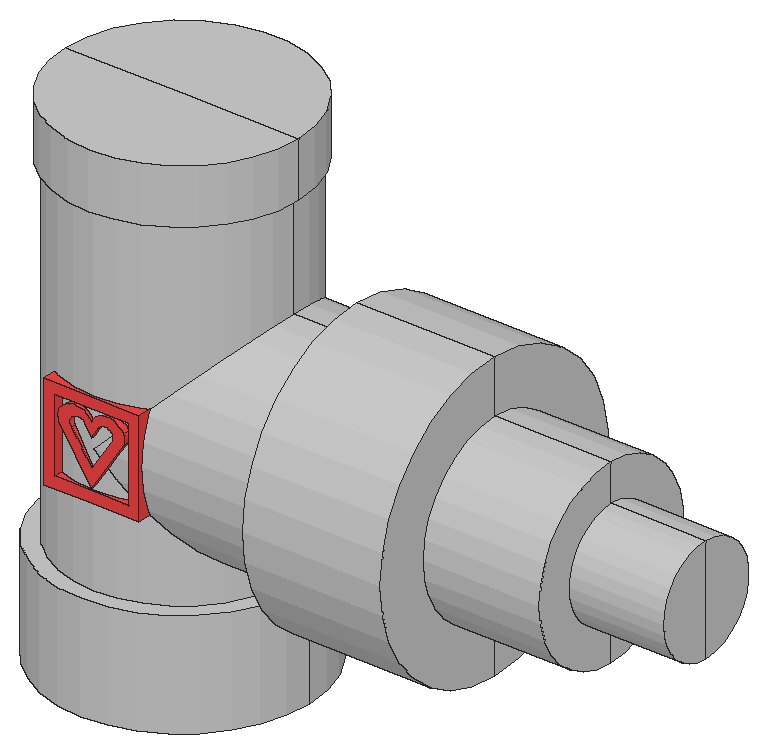
Revit family "RL-1 Rücklaufventil Eck 3724", category Rohrzubehör, Revit 2018
Family settings
  Bemaßung runder Anschluss = Durchmesser verwenden
  Teiletyp = Unterbricht
  OmniClass-Nummer = 23.65.55.14
  OmniClass-Titel = Valves for Liquid Services
  Arbeitsebenenbasiert = Nein
  Immer vertikal = Nein
  Beim Laden mit Abzugskörper schneiden = Nein
  Gemeinsam genutzt = Nein
Parameters
  URL = "www.herz-armaturen.at"
  SCRNSEQ = "ARM;ARM_TYP=\"ALLF\";2"
  SCRNCODE = "05;01;02"  # constant formula
  S04 = 45.000 mm  # constant formula
  S03 [instance] = H02 - 5.000 mm + 41.000 mm  # 60.500 mm
  S02 [instance] = L04 + L03 - L02  # 25.500 mm
  S01 = 10.000 mm  # constant formula
  R06 = 11.000 mm  # constant formula
  Nennweite [instance] = 10.000 mm
  Medium = "Heizwasserqualität entsprechend ÖNORM H 5195 bzw. VDI-Richtllinie 2035."
  Max.Betriebstemperatur = 120 °C  # constant formula
  Max.Betriebsdruck = 1000000.0 Pa  # constant formula
  LO1 [instance] = R01 - 0.500 mm  # 10.000 mm
  L04 [instance] = size_lookup("3724_1_", "L4", 1.000 mm, Nennweite)  # 20.000 mm
  L03 [instance] = size_lookup("3724_1_", "L3", 1.000 mm, Nennweite)  # 13.000 mm
  L02 [instance] = size_lookup("3724_1_", "L2", 1.000 mm, Nennweite)  # 7.500 mm
  L01 [instance] = size_lookup("3724_1_", "L1", 1.000 mm, Nennweite)  # 24.000 mm
  Hersteller = "HERZ Armaturen Ges.m.b.H."  # constant formula
  H05 = 5.200 mm  # constant formula
  H04 = 25.500 mm  # constant formula
  H03 [instance] = size_lookup("3724_1_", "H3", 1.000 mm, Nennweite)  # 10.000 mm
  H02 [instance] = 24.500 mm  # constant formula
  H01 [instance] = size_lookup("3724_1_", "H1", 1.000 mm, Nennweite)  # 22.000 mm
  Gehäuse = "vernickeltes Messing"  # constant formula
  GT1 [instance] = size_lookup("3724_1_", "GT1", 1.000 mm, Nennweite)  # 9.000 mm
  GT [instance] = size_lookup("3724_1_", "GT", 1.000 mm, Nennweite)  # 9.500 mm
  G2 [instance] = Nennweite / 2  # 5.000 mm
  G1 [instance] = Nennweite / 2  # 5.000 mm
  R01 = 10.500 mm  # constant formula
  D05 [instance] = size_lookup("3724_1_", "D5", 1.000 mm, Nennweite)  # 8.500 mm
  D04 [instance] = size_lookup("3724_1_", "D4", 1.000 mm, Nennweite)  # 13.500 mm
  D03 [instance] = R01  # 10.500 mm
  D02 [instance] = size_lookup("3724_1_", "D2", 1.000 mm, Nennweite)  # 7.940 mm
  D01 [instance] = size_lookup("3724_1_", "D1", 1.000 mm, Nennweite)  # 12.000 mm
  Bestellnummer [instance] = size_lookup("3724_1_", "Artnr", 0, Nennweite)  # 1372440
  Ausführungen = "Alle Modelle werden in vernickelter Ausführung geliefert und sind Universalmodelle mit Spezialmuffe für\r\nGewinderohr und Klemmsetanschluß."
  Anwendungsgebiet = "Warmwasserheizungsanlagen.\r\nDurch Einbau des Rücklaufventils ist der Heizkörper-Rücklaufanschluß absperrbar.\r\nDadurch kann bei gleichzeitiger Absperrung des Vorlaufventils der Heizkörper bei unter Druck stehender Anlage demontiert werden.\r\nEs ist dann möglich, Servicearbeiten oder Arbeiten an der Wand hinter dem Heizkörper (Tapezierung, Verfl iesung) durchzuführen, ohne die übrige Anlage stillsetzen zu müssen.\r\nIst eine Voreinstellung des Rücklaufventils oder Füllen und Entleeren von Heizkörper oder Anlage über das Rücklaufventil gefordert, wird der Einbau des Rücklaufventils HERZ-RL-5 empfohlen."
Reference planes
  plane 1 "Mitte (Vorne/hinten)": y = 0
  plane 2: z = 0
  plane 3 "Mitte (Links/rechts)": x = 0
Forms (mm)
  Revolve 1, solid, material "Messing, weicher Gelbton, geschweißt", detail levels fine
    sketch origin (0, 0, 0) x (1, 0, 0) y (0, 0, 1)
      loop
        line (0, 24.5) -> (-10.5, 24.5) -> (-10.5, -12) -> (-12, -12) -> (-12, -22) -> (-5, -22) -> (-5, -12.5) -> (0, -12.5) -> (0, 24.5)
      axis (0, 24.5) -> (0, -22)
    angle from 0 to 360
  Revolve 2, solid, material "Messing, weicher Gelbton, geschweißt", detail levels fine
    sketch origin (0, 0, 0) x (1, 0, 0) y (0, 0, 1)
      loop
        line (0, 0) -> (24, 0) -> (24, 7.94) -> (16.5, 7.94) -> (16.5, 10.5) -> (0, 10.5) -> (0, 0)
      axis (0, 0) -> (24, 0)
    angle from 0 to 360
  Revolve 3, solid, material "Messing, weicher Gelbton, geschweißt", detail levels fine
    sketch origin (-1, 0, 0) x (1, 0, 0) y (0, 0, 1)
      loop
        line (25, 0) -> (50.5, 0) -> (50.5, 5) -> (41.5, 5) -> (41.5, 8.5) -> (30.5, 8.5) -> (30.5, 13.5) -> (17.5, 13.5) -> (17.5, 7.94) -> (25, 7.94) -> (25, 0)
      axis (17.5, 0) -> (50.5, 0)
    angle from 0 to 360
  Revolve 4, solid, material "Messing, weicher Gelbton, geschweißt", detail levels fine
    sketch origin (0, 0, 0) x (1, 0, 0) y (0, 0, 1)
      loop
        line (0, 20.3) -> (11, 20.3) -> (11, 25.5) -> (0, 25.5) -> (0, 20.3)
      axis (0, 25.5) -> (0, 20.3)
    angle from 0 to 360
Lines and regions (mm)
  model lines, detail levels coarse+medium
    curve 1: line (0, 0, 0) -> (12, 0, -22)
    curve 2: line (12, 0, -22) -> (-12, 0, -22)
    curve 3: line (-12, 0, -22) -> (0, 0, 0)
    curve 4: line (0, 0, 0) -> (24, 0, 13.5)
    curve 5: line (24, 0, 13.5) -> (24, 0, -13.5)
    curve 6: line (24, 0, -13.5) -> (0, 0, 0)
    curve 7: line (24, 0, 13.5) -> (34, 0, 13.5)
    curve 8: line (34, 0, 13.5) -> (24, 0, 0)
    curve 9: line (24, 0, -13.5) -> (34, 0, -13.5)
    curve 10: line (34, 0, -13.5) -> (24, 0, 0)
    curve 11: line (24, 0, 0) -> (49.5, 0, 0)
    curve 12: line (0, 0, 0) -> (12, -22, 0)
    curve 13: line (12, -22, 0) -> (-12, -22, 0)
    curve 14: line (-12, -22, 0) -> (0, 0, 0)
    curve 15: line (0, 0, 0) -> (24, 13.5, 0)
    curve 16: line (24, 13.5, 0) -> (24, -13.5, 0)
    curve 17: line (24, -13.5, 0) -> (0, 0, 0)
    curve 18: line (24, 13.5, 0) -> (34, 13.5, 0)
    curve 19: line (34, 13.5, 0) -> (24, 0, 0)
    curve 20: line (24, -13.5, 0) -> (34, -13.5, 0)
    curve 21: line (24, 0, 0) -> (34, -13.5, 0)
Dimensions and locks
  "H02": Revolve 1 sketch curve to plane 2
  "H01": plane 2 to Revolve 1 sketch curve
  "R01": Revolve 1 sketch curve to Revolve 1 sketch curve
  "G1": Revolve 1 sketch curve to Revolve 1 sketch curve
  "D01": Revolve 1 sketch curve to Revolve 1 sketch curve
  "GT": Revolve 1 sketch curve to Revolve 1 sketch curve
  "H03": Revolve 1 sketch curve to Revolve 1 sketch curve
  "D02": Revolve 2 sketch curve to Revolve 2 sketch curve
  "D03": Revolve 2 sketch curve to Revolve 2 sketch curve
  "L01": Revolve 2 sketch curve to Revolve 2 sketch curve
  "L02": Revolve 2 sketch curve to Revolve 2 sketch curve
  "LO1": nested 1 to plane 1 "Mitte (Vorne/hinten)"
  "L02": Revolve 3 sketch curve to Revolve 3 sketch curve
  "L03": Revolve 3 sketch curve to Revolve 3 sketch curve
  "L04": Revolve 3 sketch curve to Revolve 3 sketch curve
  "D04": Revolve 3 sketch curve to Revolve 3 sketch curve
  "G2": Revolve 3 sketch curve to Revolve 3 sketch curve
  "D05": Revolve 3 sketch curve to Revolve 3 sketch curve
  "GT1": Revolve 3 sketch curve to Revolve 3 sketch curve
  "L01": plane 3 "Mitte (Links/rechts)" to Revolve 3 sketch curve
  "D02": Revolve 3 sketch curve to plane 2
  "H01": plane 2 to curve 2
  "L01": curve 5 to plane 3 "Mitte (Links/rechts)"
  "D01": curve 2 to plane 3 "Mitte (Links/rechts)" to curve 3
  "D04": curve 5 to plane 2 to curve 6
  "S01": curve 5 to curve 8
  "S01": curve 5 to curve 10
  "S02": curve 11 to curve 11
  "H01": curve 13 to plane 1 "Mitte (Vorne/hinten)"
  "D01": curve 14 to plane 3 "Mitte (Links/rechts)" to curve 13
  "L01": plane 3 "Mitte (Links/rechts)" to curve 16
  "D04": curve 17 to plane 1 "Mitte (Vorne/hinten)" to curve 16
  "S01": curve 16 to curve 19
  "S01": curve 16 to curve 21
  "R06": Revolve 4 sketch curve to Revolve 4 sketch curve
  "H04": Revolve 4 sketch curve to plane 2
  "H05": Revolve 4 sketch curve to Revolve 4 sketch curve
  aligned and locked: level to plane 2
Automatic sketch dimensions
  curve 4 to level = 0.000 mm
  curve 4 to plane 3 "Mitte (Links/rechts)" = 0.000 mm
  curve 11 to level = 0.000 mm
  curve 8 to level = 0.000 mm
  plane 1 "Mitte (Vorne/hinten)" to curve 14 = 0.000 mm
  curve 14 to plane 3 "Mitte (Links/rechts)" = 0.000 mm
  plane 1 "Mitte (Vorne/hinten)" to curve 19 = 0.000 mm
  Revolve 1 sketch curve to plane 3 "Mitte (Links/rechts)" = 0.000 mm  (x2)
  Revolve 1 sketch curve to Revolve 1 sketch curve = 345.545 mm
  Revolve 1 sketch curve to Revolve 1 sketch curve = 2189.815 mm
  Revolve 2 sketch curve to level = 0.000 mm  (x2)
  Revolve 2 sketch curve to plane 3 "Mitte (Links/rechts)" = 0.000 mm
  Revolve 2 sketch curve to plane 3 "Mitte (Links/rechts)" = 1506.530 mm
  Revolve 2 sketch curve to Revolve 2 sketch curve = 1815.148 mm
  Revolve 3 sketch curve to level = 0.000 mm  (x2)
  Revolve 3 sketch curve to plane 3 "Mitte (Links/rechts)" = 1507.530 mm
  Revolve 3 sketch curve to Revolve 3 sketch curve = 1789.648 mm
  Revolve 4 sketch curve to plane 3 "Mitte (Links/rechts)" = 0.000 mm  (x2)
  Revolve 4 sketch curve to level = 366.045 mm
  Revolve 4 sketch curve to Revolve 4 sketch curve = 2190.315 mm
Nested families
  nested 1: "Herz-Logo-vorne" at (0, -10, 0) x (0, -1, 0) z (0, 0, 1), type "Herz-Logo-vorne", detail levels fine
Connectors
  piping at (0, 0, -12.5), diameter 10, driven by "Nennweite"
    settings: on Revolve 1, index 1, connector inside diameter 609.6 mm, connector length 0.000 mm, flow factor 0, pipe flow 0.0 L/s, pressure drop 0.0 Pa, fitting loss kfactor 0, connector angle 0.00°, fixture units 0, engagement length 0.000 mm, angle of deflection 0.00°, flow configuration 0, flow direction 1, fitting loss method 0, system type 8, joint type 0, gender type 0, connector reference index -1, connector utility 0, adjustable connector no, is connector primary yes, connector description ""
  piping at (49.5, 0, 0), diameter 10, driven by "Nennweite"
    settings: on Revolve 3, index 2, connector inside diameter 609.6 mm, connector length 0.000 mm, flow factor 0, pipe flow 0.0 L/s, pressure drop 0.0 Pa, fitting loss kfactor 0, connector angle 0.00°, fixture units 0, engagement length 0.000 mm, angle of deflection 0.00°, flow configuration 0, flow direction 2, fitting loss method 0, system type 8, joint type 0, gender type 0, connector reference index -1, connector utility 0, adjustable connector no, is connector primary no, connector description ""
Definition of nested family "Herz-Logo-vorne"
  Reference planes
    plane 1 "Mitte (Vorne/hinten)": y = 0
    plane 2: z = 0
    plane 3 "Mitte (Links/rechts)": x = 0
  Forms (mm)
    Extrusion 1, solid
      sketch origin (0.732, -0.018, 0.017) x (0, -1, 0) y (0, 0, 1)
        loop
          line (-0.018, -4.517) -> (4.482, -4.517) -> (4.482, 4.483) -> (-4.518, 4.483) -> (-4.518, -4.517) -> (-0.018, -4.517)
        loop
          line (-0.05, -3.48) -> (3.482, -3.48) -> (3.482, 3.483) -> (-3.518, 3.483) -> (-3.518, -3.48) -> (-0.05, -3.48)
        loop
          arc (-0.018, 2.383) -> (-1.543, 3.287) -> (-3.067, 2.383) r 1.738
          arc (-3.067, 2.383) -> (-3.191, 1.899) -> (-3.067, 1.415) r 1.009
          line (-3.067, 1.415) -> (-0.018, -3.281) -> (3.032, 1.415)
          arc (3.032, 1.415) -> (3.156, 1.899) -> (3.032, 2.383) r 1.009
          arc (3.032, 2.383) -> (1.507, 3.287) -> (-0.018, 2.383) r 1.738
        loop
          arc (1.885, 1.272) -> (2.005, 1.675) -> (1.885, 2.079) r 0.74
          arc (1.885, 2.079) -> (1.265, 2.416) -> (0.644, 2.079) r 0.74
          line (0.644, 2.079) -> (-0.018, 0.97) -> (-0.679, 2.079)
          arc (-0.679, 2.079) -> (-1.3, 2.416) -> (-1.921, 2.079) r 0.74
          arc (-1.921, 2.079) -> (-2.04, 1.675) -> (-1.921, 1.272) r 0.74
          line (-1.921, 1.272) -> (-0.018, -1.658) -> (1.885, 1.272)
      from 0 to 1.5
  Dimensions and locks
    aligned and locked: level to plane 2
